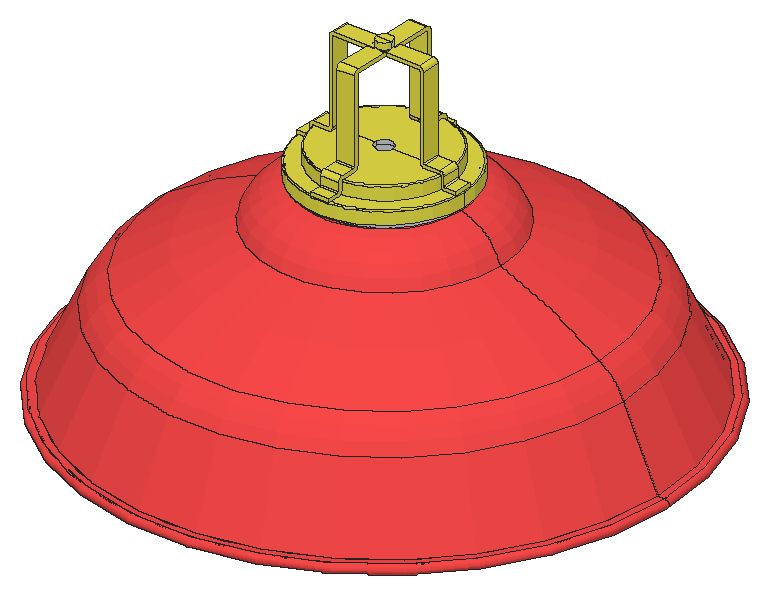
Revit family "BTW16 SHADE", category Lighting Fixtures, Revit 2024
Family settings
  Round Connector Dimension = Use Diameter
  Part Type = Normal
  OmniClass Number = 23.80.70.00
  OmniClass Title = Lighting
  Work Plane-Based = No
  Always vertical = Yes
  Cut with Voids When Loaded = No
  Light Source = Yes
  Maintain Annotation Orientation = No
  Shared = No
  Room Calculation Point = No
Parameters
  Wattage = 12.1178 W
  built-in parameter 1150110 = 1 (stored number, unit not read)
  built-in parameter 1114217 = 1 (stored number, unit not read)
  built-in parameter 1150109 = 1 (stored number, unit not read)
  built-in parameter 1150134 = (empty or 0)
  built-in parameter 1150113 = 1 (stored number, unit not read)
  Lumens = 1800 lm
  built-in parameter 1150115 = 1 (stored number, unit not read)
  built-in parameter 1150105 = 572.96 (stored number, unit not read)
  Light Source Symbol Size = 2' - 0"
  built-in parameter 1150137 = (empty or 0)
  built-in parameter 1150139 = (empty or 0)
  built-in parameter 1150112 = 1 (stored number, unit not read)
  built-in parameter 1150114 = 1 (stored number, unit not read)
  built-in parameter 1150132 = 2
  built-in parameter 1150102 = (empty or 0)
  built-in parameter 1150138 = (empty or 0)
  built-in parameter 1150107 = 3000 (stored number, unit not read)
  built-in parameter 1150106 = 5.7296 (stored number, unit not read)
  built-in parameter 1150104 = 13.8 (stored number, unit not read)
  Dimming Lamp Color Temperature Shift = (empty or 0)
  Default Elevation = 0' - 0"
  Color Filter = 16777215
  built-in parameter 1114218 = 1 (stored number, unit not read)
  built-in parameter 1150133 = 10 (stored number, unit not read)
Reference planes (in)
  plane 1 "Light Source Axis (F/B)": y = 0
  plane 2: z = 0
  plane 3 "Light Source Axis (L/R)": x = 0
  plane 4 "Light Source Elevation": z = 84
Forms (in)
  Revolve 1, solid
    sketch origin (0, 0, 0) x (1, 0, 0) y (0, 0, 1)
      loop
        line (-7.875, 84) -> (-7.69106, 84) -> (-7.59296, 84.21038) -> (-6.64207, 86.24957)
        arc (-6.64207, 86.24957) -> (-6.37665, 86.66619) -> (-6.01246, 86.99991) r 1.89224
        arc (-6.01246, 86.99991) -> (-4.65562, 87.81322) -> (-3.19749, 88.42669) r 11.16947
        arc (-3.19749, 88.42669) -> (-2.76299, 89.09714) -> (-2.0321, 89.41978) r 1.39683
        line (-2.0321, 89.41978) -> (-2.0321, 89.90625) -> (-2.12585, 89.90625) -> (-2.12585, 89.50088) -> (-2.17249, 89.49078)
        arc (-2.17249, 89.49078) -> (-2.8544, 89.14168) -> (-3.27286, 88.5) r 1.49058
        arc (-3.27286, 88.5) -> (-4.71931, 87.88602) -> (-6.06623, 87.07671) r 11.26322
        arc (-6.06623, 87.07671) -> (-6.44847, 86.72645) -> (-6.72703, 86.28919) r 1.98599
        line (-6.72703, 86.28919) -> (-7.67792, 84.25) -> (-7.875, 84.25)
        arc (-7.875, 84.25) -> (-8, 84.125) -> (-7.875, 84) r 0.125
      axis (0, 89.90625) -> (0, 84)
    angle from 0 to 360
  Revolve 2, solid
    sketch origin (0, 0, 0) x (1, 0, 0) y (0, 0, 1)
      loop
        line (-2.25, 89.625) -> (-2.15625, 89.625) -> (-2.15625, 89.90625) -> (-1.71875, 89.90625) -> (-1.71875, 90.28125) -> (-0.25, 90.28125) -> (-0.25, 90.375) -> (-1.78125, 90.375)
        arc (-1.78125, 90.375) -> (-1.80335, 90.36585) -> (-1.8125, 90.34375) r 0.03125
        line (-1.8125, 90.34375) -> (-1.8125, 90) -> (-2.21875, 90)
        arc (-2.21875, 90) -> (-2.24085, 89.99085) -> (-2.25, 89.96875) r 0.03125
        line (-2.25, 89.96875) -> (-2.25, 89.625)
      axis (0, 90.375) -> (0, 89.625)
    angle from 0 to 360
  Sweep 3, solid
    path origin (0, 0, 0) x (1, 0, 0) y (0, 0, 1)
      loop
        line (-2.25, 90) -> (-1.9375, 90)
        arc (-1.9375, 90) -> (-1.84911, 90.03661) -> (-1.8125, 90.125) r 0.125
        line (-1.8125, 90.125) -> (-1.8125, 90.34375)
        arc (-1.8125, 90.34375) -> (-1.80335, 90.36585) -> (-1.78125, 90.375) r 0.03125
        line (-1.78125, 90.375) -> (-1.375, 90.375)
        arc (-1.375, 90.375) -> (-1.28661, 90.41161) -> (-1.25, 90.5) r 0.125
        line (-1.25, 90.5) -> (-1.25, 92.78125)
        arc (-1.25, 92.78125) -> (-1.24085, 92.80335) -> (-1.21875, 92.8125) r 0.03125
        line (-1.21875, 92.8125) -> (-0.09795, 92.8125)
    profile origin (-2.09375, 0, 90) x (0, 0, 1) y (0, -1, 0)
      loop
        line (0, 0) -> (0, -0.25) -> (0.09375, -0.25) -> (0.09375, 0.25) -> (0, 0.25) -> (0, 0)
  Sweep 4, solid
    path origin (0, -0.01655, 0) x (0, -1, 0) y (0, 0, 1)
      loop
        line (-2.25, 90) -> (-1.9375, 90)
        arc (-1.9375, 90) -> (-1.84911, 90.03661) -> (-1.8125, 90.125) r 0.125
        line (-1.8125, 90.125) -> (-1.8125, 90.34375)
        arc (-1.8125, 90.34375) -> (-1.80335, 90.36585) -> (-1.78125, 90.375) r 0.03125
        line (-1.78125, 90.375) -> (-1.375, 90.375)
        arc (-1.375, 90.375) -> (-1.28661, 90.41161) -> (-1.25, 90.5) r 0.125
        line (-1.25, 90.5) -> (-1.25, 92.78125)
        arc (-1.25, 92.78125) -> (-1.24085, 92.80335) -> (-1.21875, 92.8125) r 0.03125
        line (-1.21875, 92.8125) -> (-0.09795, 92.8125)
    profile origin (0, 2.0772, 90) x (0, 0, 1) y (-1, 0, 0)
      loop
        line (0, 0.01655) -> (0, -0.23345) -> (0.09375, -0.23345) -> (0.09375, 0.26655) -> (0, 0.26655) -> (0, 0.01655)
  Sweep 5, solid
    path origin (0, 0.01655, 0) x (0, 1, 0) y (0, 0, 1)
      loop
        line (-2.25, 90) -> (-1.9375, 90)
        arc (-1.9375, 90) -> (-1.84911, 90.03661) -> (-1.8125, 90.125) r 0.125
        line (-1.8125, 90.125) -> (-1.8125, 90.34375)
        arc (-1.8125, 90.34375) -> (-1.80335, 90.36585) -> (-1.78125, 90.375) r 0.03125
        line (-1.78125, 90.375) -> (-1.375, 90.375)
        arc (-1.375, 90.375) -> (-1.28661, 90.41161) -> (-1.25, 90.5) r 0.125
        line (-1.25, 90.5) -> (-1.25, 92.78125)
        arc (-1.25, 92.78125) -> (-1.24085, 92.80335) -> (-1.21875, 92.8125) r 0.03125
        line (-1.21875, 92.8125) -> (-0.09795, 92.8125)
    profile origin (0, -2.0772, 90) x (0, 0, 1) y (1, 0, 0)
      loop
        line (0, -0.01655) -> (0, -0.26655) -> (0.09375, -0.26655) -> (0.09375, 0.23345) -> (0, 0.23345) -> (0, -0.01655)
  Sweep 6, solid
    path origin (-0.03311, 0, 0) x (-1, 0, 0) y (0, 0, 1)
      loop
        line (-2.25, 90) -> (-1.9375, 90)
        arc (-1.9375, 90) -> (-1.84911, 90.03661) -> (-1.8125, 90.125) r 0.125
        line (-1.8125, 90.125) -> (-1.8125, 90.34375)
        arc (-1.8125, 90.34375) -> (-1.80335, 90.36585) -> (-1.78125, 90.375) r 0.03125
        line (-1.78125, 90.375) -> (-1.375, 90.375)
        arc (-1.375, 90.375) -> (-1.28661, 90.41161) -> (-1.25, 90.5) r 0.125
        line (-1.25, 90.5) -> (-1.25, 92.78125)
        arc (-1.25, 92.78125) -> (-1.24085, 92.80335) -> (-1.21875, 92.8125) r 0.03125
        line (-1.21875, 92.8125) -> (-0.09795, 92.8125)
    profile origin (2.06064, 0, 90) x (0, 0, 1) y (0, 1, 0)
      loop
        line (0, 0) -> (0, -0.25) -> (0.09375, -0.25) -> (0.09375, 0.25) -> (0, 0.25) -> (0, 0)
  Revolve 7, solid
    sketch origin (0, 0, 0) x (1, 0, 0) y (0, 0, 1)
      loop
        line (-0.21235, 92.90625) -> (0, 92.90625) -> (0, 93.06272) -> (-0.21235, 93.06272) -> (-0.21235, 92.90625)
      axis (0, 92.90625) -> (0, 93.06272)
    angle from 0 to 360
Dimensions and locks (in)
  aligned and locked: plane 3 "Light Source Axis (L/R)" to imposter light
  aligned and locked: plane 1 "Light Source Axis (F/B)" to imposter light
  aligned and locked: plane 4 "Light Source Elevation" to imposter light
  aligned and locked: level to plane 2
